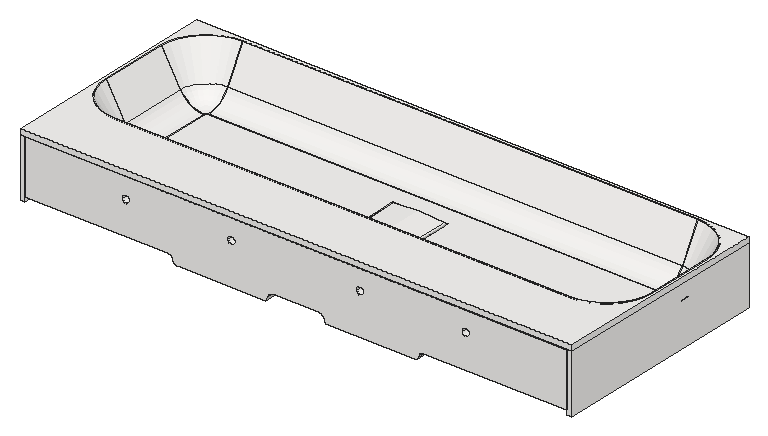
Revit family "Washbasins-hansgrohe-61105XXX-Xevolos E Washbasin 1200_480 without tap hole and overflow, SmartClean", category Plumbing Fixtures, Revit 2019
Family settings
  Round Connector Dimension = Use Diameter
  Part Type = Valve - Breaks Into
  OmniClass Number = 23.31.13.00
  Work Plane-Based = No
  Always vertical = Yes
  Cut with Voids When Loaded = No
  Shared = Yes
  Room Calculation Point = No
Parameters (values of type "61105-61105450-GLOSSY_WHITE-400")
  X2 = 740
  X1 = 280
  WEIGHT = "28"
  UNSPSC = "301815 | Sanitary ware"
  UNIFORMATII = "D2010 | Plumbing Fixtures"
  UNICLASS_2015_CODE = "40_20_96"
  UNICLASS2015 = "Pr_40_20_96 | Wash basins, sinks and troughs"
  TYP = 1
  TAP = 0
  SURFACE = "GLOSSY_WHITE"
  SPECIFICATION = "Surfaces:  - 61105450 White   Specification:  • consists of: washbasin, waste set, cover  • material: ceramic  • SmartClean: dirt-repellent glaze • degree of gloss: glossy  • ceramic cover included • without tap hole • without overflow • without shelf • non-closing waste set • 1200 x 480 mm • type of installation: wall mounted  • suitable for cabinet"
  REGION = "Worldwide"
  PRODUCTURL = "https://pro.hansgrohe.com/articledetail--61105450"
  PRODUCTGROUP = "Washbasins"
  PRODUCTFAMILY = "Xevolos E"
  PERMALINK = "61105XXX"
  OMNICLASS = "23-31 13 00 | Sinks"
  OBJECTTYPE = "Object (single object)"
  NN = "Xevolos Washbasin"
  NBSYN = "$BASENUMBER.-$ARTNR.-$SURFACE.-$LODLEVEL."
  NB = "61105-61105450-GLOSSY_WHITE-400"
  NAME = "Xevolos E Washbasin 1200/480 without tap hole and overflow, SmartClean"
  Model = "61105-61105450-GLOSSY_WHITE-400"
  Manufacturer = "Hansgrohe"
  MIdent = "{$CADENAS_DATA/23d-libs/hansgrohe/xevolos_washbasin/xevolos_washbasin.prj},222 {VTYP=3D},{NB=61105-61105450-GLOSSY_WHITE-400},{LINA=61105-61105450-GLOSSY_WHITE-400},{NN=Xevolos Washbasin},{DATE=13.03.2023 11:34:45},{GEOMDATE=13.03.2023 11:34:00},{VERSION=},{LINEID=860},{WBVAR=LODLEVEL},{WBNUMERIC=}  {NB=61105-61105450-GLOSSY_WHITE-400},{LINA=61105-61105450-GLOSSY_WHITE-400},{KT=DUMMY},{IDNR=14},{ARTNR=61105450},{BASENUMBER=61105},{MODEL=61105XXX},{SURFACE=GLOSSY_WHITE},{LODLEVEL=400},{LODLEVELX='400','400','200','200'},{L=1200.000},{LI=1000.000},{X1=280.000},{X2=740.000},{DO=46.000},{DOT=35.000},{TAP=0},{TYP=1},{NAME=Xevolos E Washbasin 1200/480 without tap hole and overflow, SmartClean},{PERMALINK=61105XXX},{OBJECTTYPE=Object (single object)},{BIMOBJECT=Sanitary: Wash Basins},{PRODUCTFAMILY=Xevolos E},{PRODUCTGROUP=Washbasins},{WEIGHT=28},{DESCRIPTION=Xevolos E Washbasin 1200/480 without tap hole and overflow, SmartClean},{SPECIFICATION=Surfaces:  - 61105450 White   Specification:  • consists of: washbasin, waste set, cover  • material: ceramic  • SmartClean: dirt-repellent glaze • degree of gloss: glossy  • ceramic cover included • without tap hole • without overflow • without shelf • non-closing waste set • 1200 x 480 mm • type of installation: wall mounted  • suitable for cabinet},{PRODUCTURL=https://pro.hansgrohe.com/articledetail--61105450},{GTINCODE=4059625420744},{IFC=Sanitary Terminal},{ETIM=EC011550 | Washbasin},{UNICLASS2015=Pr_40_20_96 | Wash basins, sinks and troughs},{OMNICLASS=23-31 13 00 | Sinks},{MASTERFORMAT=22 41 16.13 | Residential Lavatories},{UNSPSC=301815 | Sanitary ware},{UNIFORMATII=D2010 | Plumbing Fixtures},{REGION=Worldwide},{DESIGN=Germany},{MANUFACTURER=Germany}"
  MASTERFORMAT = "22 41 16.13 | Residential Lavatories"
  LODLEVEL = "400"
  LINA = "61105-61105450-GLOSSY_WHITE-400"
  LI = 1000
  L = 1200
  IFC = "Sanitary Terminal"
  GTINCODE = "4059625420744"
  ETIM = "EC011550 | Washbasin"
  DOT = 35
  DO = 46
  DESIGN = "Germany"
  CNSPipeRound/cp_Ausgang_1_V = no
  CATALOG = "Hansgrohe"
  BIMOBJECT = "Sanitary: Wash Basins"
  BASENUMBER = "61105"
  ARTNR = "61105450"
  61105-61105450-GLOSSY_WHITE-400_RX0RY0RZ0TX0TY0TZ0_V = yes
  61105-61105450-GLOSSY_WHITE-200_RX0RY0RZ0TX0TY0TZ0_V = no
Types (3, lengths in mm): name | NB | Model | MIdent | LODLEVEL | LINA | 61105-61105450-GLOSSY_WHITE-400_RX0RY0RZ0TX0TY0TZ0_V | 61105-61105450-GLOSSY_WHITE-200_RX0RY0RZ0TX0TY0TZ0_V
  (no name) | "61105-61105450-GLOSSY_WHITE-400" | "61105-61105450-GLOSSY_WHITE-400" | "{$CADENAS_DATA/23d-libs/hansgrohe/xevolos_washbasin/xevolos_washbasin.prj},222 {VTYP=3D},{NB=61105-61105450-GLOSSY_WHITE-400},{LINA=61105-61105450-GLOSSY_WHITE-400},{NN=Xevolos Washbasin},{DATE=13.03.2023 11:34:45},{GEOMDATE=13.03.2023 11:34:00},{VERSION=},{LINEID=860},{WBVAR=LODLEVEL},{WBNUMERIC=}  {NB=61105-61105450-GLOSSY_WHITE-400},{LINA=61105-61105450-GLOSSY_WHITE-400},{KT=DUMMY},{IDNR=14},{ARTNR=61105450},{BASENUMBER=61105},{MODEL=61105XXX},{SURFACE=GLOSSY_WHITE},{LODLEVEL=400},{LODLEVELX='400','400','200','200'},{L=1200.000},{LI=1000.000},{X1=280.000},{X2=740.000},{DO=46.000},{DOT=35.000},{TAP=0},{TYP=1},{NAME=Xevolos E Washbasin 1200/480 without tap hole and overflow, SmartClean},{PERMALINK=61105XXX},{OBJECTTYPE=Object (single object)},{BIMOBJECT=Sanitary: Wash Basins},{PRODUCTFAMILY=Xevolos E},{PRODUCTGROUP=Washbasins},{WEIGHT=28},{DESCRIPTION=Xevolos E Washbasin 1200/480 without tap hole and overflow, SmartClean},{SPECIFICATION=Surfaces:  - 61105450 White   Specification:  • consists of: washbasin, waste set, cover  • material: ceramic  • SmartClean: dirt-repellent glaze • degree of gloss: glossy  • ceramic cover included • without tap hole • without overflow • without shelf • non-closing waste set • 1200 x 480 mm • type of installation: wall mounted  • suitable for cabinet},{PRODUCTURL=https://pro.hansgrohe.com/articledetail--61105450},{GTINCODE=4059625420744},{IFC=Sanitary Terminal},{ETIM=EC011550 | Washbasin},{UNICLASS2015=Pr_40_20_96 | Wash basins, sinks and troughs},{OMNICLASS=23-31 13 00 | Sinks},{MASTERFORMAT=22 41 16.13 | Residential Lavatories},{UNSPSC=301815 | Sanitary ware},{UNIFORMATII=D2010 | Plumbing Fixtures},{REGION=Worldwide},{DESIGN=Germany},{MANUFACTURER=Germany}" | "400" | "61105-61105450-GLOSSY_WHITE-400" | yes | yes
  61105-61105450-GLOSSY_WHITE-200 | "61105-61105450-GLOSSY_WHITE-200" | "61105-61105450-GLOSSY_WHITE-200" | "{$CADENAS_DATA/23d-libs/hansgrohe/xevolos_washbasin/xevolos_washbasin.prj},222 {VTYP=3D},{NB=61105-61105450-GLOSSY_WHITE-200},{LINA=61105-61105450-GLOSSY_WHITE-200},{NN=Xevolos Washbasin},{DATE=13.03.2023 11:34:45},{GEOMDATE=13.03.2023 11:34:00},{VERSION=},{LINEID=860},{WBVAR=LODLEVEL},{WBNUMERIC=}  {NB=61105-61105450-GLOSSY_WHITE-200},{LINA=61105-61105450-GLOSSY_WHITE-200},{KT=DUMMY},{IDNR=14},{ARTNR=61105450},{BASENUMBER=61105},{MODEL=61105XXX},{SURFACE=GLOSSY_WHITE},{LODLEVEL=200},{LODLEVELX='400','400','200','200'},{L=1200.000},{LI=1000.000},{X1=280.000},{X2=740.000},{DO=46.000},{DOT=35.000},{TAP=0},{TYP=1},{NAME=Xevolos E Washbasin 1200/480 without tap hole and overflow, SmartClean},{PERMALINK=61105XXX},{OBJECTTYPE=Object (single object)},{BIMOBJECT=Sanitary: Wash Basins},{PRODUCTFAMILY=Xevolos E},{PRODUCTGROUP=Washbasins},{WEIGHT=28},{DESCRIPTION=Xevolos E Washbasin 1200/480 without tap hole and overflow, SmartClean},{SPECIFICATION=Surfaces:  - 61105450 White   Specification:  • consists of: washbasin, waste set, cover  • material: ceramic  • SmartClean: dirt-repellent glaze • degree of gloss: glossy  • ceramic cover included • without tap hole • without overflow • without shelf • non-closing waste set • 1200 x 480 mm • type of installation: wall mounted  • suitable for cabinet},{PRODUCTURL=https://pro.hansgrohe.com/articledetail--61105450},{GTINCODE=4059625420744},{IFC=Sanitary Terminal},{ETIM=EC011550 | Washbasin},{UNICLASS2015=Pr_40_20_96 | Wash basins, sinks and troughs},{OMNICLASS=23-31 13 00 | Sinks},{MASTERFORMAT=22 41 16.13 | Residential Lavatories},{UNSPSC=301815 | Sanitary ware},{UNIFORMATII=D2010 | Plumbing Fixtures},{REGION=Worldwide},{DESIGN=Germany},{MANUFACTURER=Germany}" | "200" | "61105-61105450-GLOSSY_WHITE-200" | no | yes
  61105-61105450-GLOSSY_WHITE-400 | "61105-61105450-GLOSSY_WHITE-400" | "61105-61105450-GLOSSY_WHITE-400" | "{$CADENAS_DATA/23d-libs/hansgrohe/xevolos_washbasin/xevolos_washbasin.prj},222 {VTYP=3D},{NB=61105-61105450-GLOSSY_WHITE-400},{LINA=61105-61105450-GLOSSY_WHITE-400},{NN=Xevolos Washbasin},{DATE=13.03.2023 11:34:45},{GEOMDATE=13.03.2023 11:34:00},{VERSION=},{LINEID=860},{WBVAR=LODLEVEL},{WBNUMERIC=}  {NB=61105-61105450-GLOSSY_WHITE-400},{LINA=61105-61105450-GLOSSY_WHITE-400},{KT=DUMMY},{IDNR=14},{ARTNR=61105450},{BASENUMBER=61105},{MODEL=61105XXX},{SURFACE=GLOSSY_WHITE},{LODLEVEL=400},{LODLEVELX='400','400','200','200'},{L=1200.000},{LI=1000.000},{X1=280.000},{X2=740.000},{DO=46.000},{DOT=35.000},{TAP=0},{TYP=1},{NAME=Xevolos E Washbasin 1200/480 without tap hole and overflow, SmartClean},{PERMALINK=61105XXX},{OBJECTTYPE=Object (single object)},{BIMOBJECT=Sanitary: Wash Basins},{PRODUCTFAMILY=Xevolos E},{PRODUCTGROUP=Washbasins},{WEIGHT=28},{DESCRIPTION=Xevolos E Washbasin 1200/480 without tap hole and overflow, SmartClean},{SPECIFICATION=Surfaces:  - 61105450 White   Specification:  • consists of: washbasin, waste set, cover  • material: ceramic  • SmartClean: dirt-repellent glaze • degree of gloss: glossy  • ceramic cover included • without tap hole • without overflow • without shelf • non-closing waste set • 1200 x 480 mm • type of installation: wall mounted  • suitable for cabinet},{PRODUCTURL=https://pro.hansgrohe.com/articledetail--61105450},{GTINCODE=4059625420744},{IFC=Sanitary Terminal},{ETIM=EC011550 | Washbasin},{UNICLASS2015=Pr_40_20_96 | Wash basins, sinks and troughs},{OMNICLASS=23-31 13 00 | Sinks},{MASTERFORMAT=22 41 16.13 | Residential Lavatories},{UNSPSC=301815 | Sanitary ware},{UNIFORMATII=D2010 | Plumbing Fixtures},{REGION=Worldwide},{DESIGN=Germany},{MANUFACTURER=Germany}" | "400" | "61105-61105450-GLOSSY_WHITE-400" | yes | no
Reference planes
  plane 1 "Center (Front/Back)": y = 0
  plane 2: z = 0
  plane 3 "Center (Left/Right)": x = 0
Dimensions and locks
  aligned and locked: level to plane 2
Nested families
  nested 1: "61105-61105450-glossy_white-200_content" at (0, 0, 0), visible <- "61105-61105450-GLOSSY_WHITE-200_RX0RY0RZ0TX0TY0TZ0_V", ContentVisible <- "61105-61105450-GLOSSY_WHITE-200_RX0RY0RZ0TX0TY0TZ0_V", type "61105-61105450-GLOSSY_WHITE-200_Content"
    with ContentVisible no
  nested 2: "61105-61105450-glossy_white-400_content" at (0, 0, 0), visible <- "61105-61105450-GLOSSY_WHITE-400_RX0RY0RZ0TX0TY0TZ0_V", ContentVisible <- "61105-61105450-GLOSSY_WHITE-400_RX0RY0RZ0TX0TY0TZ0_V", type "61105-61105450-GLOSSY_WHITE-400_Content"
    with ContentVisible yes
  nested 3: "ConnectorHost2019" at (0, 0, 0), visible <- "CNSPipeRound/cp_Ausgang_1_V", type "ConnectorHost2019"
    with Visible no, TransZ 0 mm, TransY 0 mm, TransX 0 mm, ScaleZ 1 mm, ScaleY 1 mm, ScaleX 1 mm, RotZ 180.00°, RotY 360.00°, RotX 180.00°
Connectors
  piping at (0, 0, 0), diameter 46
    settings: on nested 3, index 1, connector inside diameter 609.6 mm, connector length 0 mm, flow factor 0, pipe flow 0.0 L/s, pressure drop 0.0 Pa, fitting loss kfactor 0, connector angle 0.00°, fixture units 0, engagement length 0 mm, angle of deflection 0.00°, flow configuration 0, flow direction 2, fitting loss method 0, system type 29, joint type 0, gender type 0, connector reference index -1, connector utility 0, adjustable connector no, is connector primary yes, connector description ""
Definition of nested family "61105-61105450-glossy_white-400_content"
  Parameters (values of type "61105-61105450-GLOSSY_WHITE-400_Content")
    X2 = 740
    X1 = 280
    WEIGHT = "28"
    UNSPSC = "301815 | Sanitary ware"
    UNIFORMATII = "D2010 | Plumbing Fixtures"
    UNICLASS_2015_CODE = "40_20_96"
    UNICLASS2015 = "Pr_40_20_96 | Wash basins, sinks and troughs"
    TYP = 1
    TAP = 0
    SURFACE = "GLOSSY_WHITE"
    SPECIFICATION = "Surfaces:  - 61105450 White   Specification:  • consists of: washbasin, waste set, cover  • material: ceramic  • SmartClean: dirt-repellent glaze • degree of gloss: glossy  • ceramic cover included • without tap hole • without overflow • without shelf • non-closing waste set • 1200 x 480 mm • type of installation: wall mounted  • suitable for cabinet"
    REGION = "Worldwide"
    PRODUCTURL = "https://pro.hansgrohe.com/articledetail--61105450"
    PRODUCTGROUP = "Washbasins"
    PRODUCTFAMILY = "Xevolos E"
    PERMALINK = "61105XXX"
    OMNICLASS = "23-31 13 00 | Sinks"
    OBJECTTYPE = "Object (single object)"
    NN = "Xevolos Washbasin"
    NBSYN = "$BASENUMBER.-$ARTNR.-$SURFACE.-$LODLEVEL."
    NB = "61105-61105450-GLOSSY_WHITE-400"
    NAME = "Xevolos E Washbasin 1200/480 without tap hole and overflow, SmartClean"
    Model = "61105-61105450-GLOSSY_WHITE-400"
    Manufacturer = "Hansgrohe"
    MASTERFORMAT = "22 41 16.13 | Residential Lavatories"
    LODLEVEL = "400"
    LINA = "61105-61105450-GLOSSY_WHITE-400"
    LI = 1000
    L = 1200
    IFC = "Sanitary Terminal"
    GTINCODE = "4059625420744"
    ETIM = "EC011550 | Washbasin"
    Default Elevation = 1219.2 mm
    DOT = 35
    DO = 46
    DESIGN = "Germany"
    ContentVisible [instance] = yes
    CATALOG = "Hansgrohe"
    BIMOBJECT = "Sanitary: Wash Basins"
    BASENUMBER = "61105"
    ARTNR = "61105450"
  Reference planes
    plane 1 "Center (Front/Back)": y = 0
    plane 2: z = 0
    plane 3 "Center (Left/Right)": x = 0
  Forms (mm)
    Extrusion 1, solid, visible <- "ContentVisible", detail levels medium+fine
      sketch origin (0, -295, 7) x (0, 0, -1) y (0, -1, 0)
        loop
          line (-140, -474) -> (-121, -474) -> (-62.906, -440.46)
          arc (-62.906, -440.46) -> (-37.353, -414.906) -> (-28, -380) r 69.813
          line (-28, -380) -> (-37.5, -380)
          arc (-37.5, -380) -> (-45.58, -410.156) -> (-67.656, -432.232) r 60.313
          line (-67.656, -432.232) -> (-140, -474)
      from -495 to 495
    Revolve 2, solid, visible <- "ContentVisible", detail levels medium+fine
      sketch origin (-495, -295, 7) x (0, 0, -1) y (0, -1, 0)
        loop
          line (-140, -474) -> (-121, -474) -> (-62.906, -440.46)
          arc (-62.906, -440.46) -> (-37.353, -414.906) -> (-28, -380) r 69.813
          line (-28, -380) -> (-37.5, -380)
          arc (-37.5, -380) -> (-45.58, -410.156) -> (-67.656, -432.232) r 60.313
          line (-67.656, -432.232) -> (-140, -474)
        axis (-140, -375) -> (-28, -375)
      angle from -90 to 0
    Extrusion 3, solid, visible <- "ContentVisible", detail levels medium+fine
      sketch origin (0, -70, 7) x (-1, 0, 0) y (0, 0, -1)
        loop
          line (500, -28) -> (500, -37.5)
          arc (500, -37.5) -> (530.156, -45.58) -> (552.232, -67.656) r 60.313
          line (552.232, -67.656) -> (594, -140) -> (594, -121) -> (560.46, -62.906)
          arc (560.46, -62.906) -> (534.906, -37.353) -> (500, -28) r 69.813
      from -150 to 0
    Revolve 4, solid, visible <- "ContentVisible", detail levels medium+fine
      sketch origin (-495, -295, 7) x (0, 0, -1) y (0, -1, 0)
        loop
          line (-140, -126) -> (-67.656, -167.768)
          arc (-67.656, -167.768) -> (-45.58, -189.844) -> (-37.5, -220) r 60.313
          line (-37.5, -220) -> (-28, -220)
          arc (-28, -220) -> (-37.353, -185.094) -> (-62.906, -159.54) r 69.813
          line (-62.906, -159.54) -> (-121, -126) -> (-140, -126)
        axis (-28, -225) -> (-140, -225)
      angle from -90 to 0
    Extrusion 5, solid, visible <- "ContentVisible", detail levels medium+fine
      sketch origin (0, -295, 7) x (0, 0, -1) y (0, -1, 0)
        loop
          line (-140, -126) -> (-67.656, -167.768)
          arc (-67.656, -167.768) -> (-45.58, -189.844) -> (-37.5, -220) r 60.313
          line (-37.5, -220) -> (-28, -220)
          arc (-28, -220) -> (-37.353, -185.094) -> (-62.906, -159.54) r 69.813
          line (-62.906, -159.54) -> (-121, -126) -> (-140, -126)
      from -495 to 495
    Revolve 6, solid, visible <- "ContentVisible", detail levels medium+fine
      sketch origin (495, -295, 7) x (0, 0, -1) y (0, -1, 0)
        loop
          line (-140, -126) -> (-67.656, -167.768)
          arc (-67.656, -167.768) -> (-45.58, -189.844) -> (-37.5, -220) r 60.313
          line (-37.5, -220) -> (-28, -220)
          arc (-28, -220) -> (-37.353, -185.094) -> (-62.906, -159.54) r 69.813
          line (-62.906, -159.54) -> (-121, -126) -> (-140, -126)
        axis (-28, -225) -> (-140, -225)
      angle from 0 to 90
    Extrusion 7, solid, visible <- "ContentVisible", detail levels medium+fine
      sketch origin (0, -70, 7) x (-1, 0, 0) y (0, 0, -1)
        loop
          line (-594, -121) -> (-594, -140) -> (-552.232, -67.656)
          arc (-552.232, -67.656) -> (-530.156, -45.58) -> (-500, -37.5) r 60.313
          line (-500, -37.5) -> (-500, -28)
          arc (-500, -28) -> (-534.906, -37.353) -> (-560.46, -62.906) r 69.813
          line (-560.46, -62.906) -> (-594, -121)
      from -150 to 0
    Revolve 8, solid, visible <- "ContentVisible", detail levels medium+fine
      sketch origin (495, -295, 7) x (0, 0, -1) y (0, -1, 0)
        loop
          line (-140, -474) -> (-121, -474) -> (-62.906, -440.46)
          arc (-62.906, -440.46) -> (-37.353, -414.906) -> (-28, -380) r 69.813
          line (-28, -380) -> (-37.5, -380)
          arc (-37.5, -380) -> (-45.58, -410.156) -> (-67.656, -432.232) r 60.313
          line (-67.656, -432.232) -> (-140, -474)
        axis (-140, -375) -> (-28, -375)
      angle from 0 to 90
    Extrusion 9, solid, visible <- "ContentVisible", detail levels medium+fine
      sketch origin (0, -295, 35) x (-1, 0, 0) y (0, -1, 0)
        loop
          line (-500, -225) -> (-500, -375)
          arc (-500, -375) -> (-498.536, -378.536) -> (-495, -380) r 5
          line (-495, -380) -> (495, -380)
          arc (495, -380) -> (498.536, -378.536) -> (500, -375) r 5
          line (500, -375) -> (500, -225)
          arc (500, -225) -> (498.536, -221.464) -> (495, -220) r 5
          line (495, -220) -> (-495, -220)
          arc (-495, -220) -> (-498.536, -221.464) -> (-500, -225) r 5
        loop
          line (-60, -252.5) -> (-60, -337.5) -> (60, -337.5) -> (60, -252.5) -> (-60, -252.5)
      from 0 to 9.5
    Extrusion 10, solid, visible <- "ContentVisible", detail levels medium+fine
      sketch origin (0, -295, 147) x (-1, 0, 0) y (0, -1, 0)
        loop
          line (-600, -480) -> (600, -480) -> (600, 0) -> (-600, 0) -> (-600, -480)
        loop
          line (-594, -226) -> (-594, -374)
          arc (-594, -374) -> (-564.711, -444.711) -> (-494, -474) r 100
          line (-494, -474) -> (494, -474)
          arc (494, -474) -> (564.711, -444.711) -> (594, -374) r 100
          line (594, -374) -> (594, -226)
          arc (594, -226) -> (564.711, -155.289) -> (494, -126) r 100
          line (494, -126) -> (-494, -126)
          arc (-494, -126) -> (-564.711, -155.289) -> (-594, -226) r 100
      from -13 to 0
    Extrusion 11, solid, visible <- "ContentVisible", detail levels medium+fine
      sketch origin (0, -295, 134) x (-1, 0, 0) y (0, -1, 0)
        loop
          line (-600, -480) -> (600, -480) -> (600, 0) -> (590, 0) -> (590, -470) -> (-590, -470) -> (-590, 0) -> (-600, 0) -> (-600, -480)
      from -127 to 0
    Extrusion 12, solid, visible <- "ContentVisible", detail levels medium+fine
      sketch origin (0, -295, 17) x (-1, 0, 0) y (0, -1, 0)
        loop
          line (-590, -35) -> (-590, -470) -> (590, -470) -> (590, -35) -> (550, -35) -> (550, -380)
          arc (550, -380) -> (535.355, -415.355) -> (500, -430) r 50
          line (500, -430) -> (-500, -430)
          arc (-500, -430) -> (-535.355, -415.355) -> (-550, -380) r 50
          line (-550, -380) -> (-550, -35) -> (-590, -35)
      from 0 to 50
    Extrusion 13, solid, visible <- "ContentVisible", detail levels medium+fine
      sketch origin (0, -295, 7) x (-1, 0, 0) y (0, 0, -1)
        loop
          line (-590, -10) -> (-590, -127) -> (590, -127) -> (590, -10) -> (278.554, -10)
          arc (278.554, -10) -> (272.818, -8.192) -> (269.157, -3.42) r 10
          line (269.157, -3.42) -> (267.395, 1.42)
          arc (267.395, 1.42) -> (263.734, 6.192) -> (257.998, 8) r 10
          line (257.998, 8) -> (65, 8) -> (59.299, -4.226)
          arc (59.299, -4.226) -> (55.609, -8.434) -> (50.236, -10) r 10
          line (50.236, -10) -> (-50.236, -10)
          arc (-50.236, -10) -> (-55.609, -8.434) -> (-59.299, -4.226) r 10
          line (-59.299, -4.226) -> (-65, 8) -> (-257.998, 8)
          arc (-257.998, 8) -> (-263.734, 6.192) -> (-267.395, 1.42) r 10
          line (-267.395, 1.42) -> (-269.157, -3.42)
          arc (-269.157, -3.42) -> (-272.818, -8.192) -> (-278.554, -10) r 10
          line (-278.554, -10) -> (-590, -10)
      from -35 to 0
    Extrusion 14, solid, visible <- "ContentVisible", detail levels medium+fine
      sketch origin (-500, -295, 7) x (0, 0, -1) y (0, -1, 0)
        loop
          line (-127, -35) -> (-127, -127.732) -> (-65.156, -163.437)
          arc (-65.156, -163.437) -> (-41.25, -187.344) -> (-32.5, -220) r 65.313
          line (-32.5, -220) -> (-32.5, -380)
          arc (-32.5, -380) -> (-39.303, -409.023) -> (-58.294, -432) r 65.313
          line (-58.294, -432) -> (-30.544, -432) -> (-10, -40) -> (-10, -35) -> (-127, -35)
      from 0 to 60
    Extrusion 15, solid, visible <- "ContentVisible", detail levels medium+fine
      sketch origin (500, -295, 7) x (0, 0, -1) y (0, -1, 0)
        loop
          line (-127, -35) -> (-127, -127.732) -> (-65.156, -163.437)
          arc (-65.156, -163.437) -> (-41.25, -187.344) -> (-32.5, -220) r 65.313
          line (-32.5, -220) -> (-32.5, -380)
          arc (-32.5, -380) -> (-39.303, -409.023) -> (-58.294, -432) r 65.313
          line (-58.294, -432) -> (-30.544, -432) -> (-10, -40) -> (-10, -35) -> (-127, -35)
      from -60 to 0
    Extrusion 16, solid, visible <- "ContentVisible", detail levels medium+fine
      sketch origin (0, -295, 17) x (-1, 0, 0) y (0, -1, 0)
        loop
          line (-72, -261.5) -> (-72, -328.5)
          arc (-72, -328.5) -> (-65.703, -343.703) -> (-50.5, -350) r 21.5
          line (-50.5, -350) -> (50.5, -350)
          arc (50.5, -350) -> (65.703, -343.703) -> (72, -328.5) r 21.5
          line (72, -328.5) -> (72, -261.5)
          arc (72, -261.5) -> (65.703, -246.297) -> (50.5, -240) r 21.5
          line (50.5, -240) -> (-50.5, -240)
          arc (-50.5, -240) -> (-65.703, -246.297) -> (-72, -261.5) r 21.5
      from 0 to 18
    Revolve 17, solid, visible <- "ContentVisible", detail levels medium+fine
      sketch origin (0, 0, 7) x (-1, 0, 0) y (0, 0, -1)
        loop
          line (23, -4.5) -> (42.5, -27.441) -> (42.5, -10) -> (34, 0) -> (34, 7) -> (23, 7) -> (23, -4.5)
        axis (0, -27.441) -> (0, 7)
      angle from -360 to 0
    Extrusion 18, solid, visible <- "ContentVisible", detail levels medium+fine
      sketch origin (0, -295, -3) x (-1, 0, 0) y (0, -1, 0)
        loop
          circle (0, -295) r 7.5
      from 0 to 41
    Extrusion 19, solid, visible <- "ContentVisible", detail levels medium+fine
      sketch origin (0, -295, 38) x (-1, 0, 0) y (0, -1, 0)
        loop
          circle (0, -295) r 32.5
      from 0 to 2
    Extrusion 20, solid, visible <- "ContentVisible", detail levels medium+fine
      sketch origin (0, 0, 7) x (-1, 0, 0) y (0, 0, -1)
        loop
          arc (-54.85, -33) -> (-57.5, -35.65) -> (-54.85, -38.3) r 2.65
          arc (-54.85, -38.3) -> (0, -43.036) -> (54.85, -38.3) r 320
          arc (54.85, -38.3) -> (57.5, -35.65) -> (54.85, -33) r 2.65
          line (54.85, -33) -> (-54.85, -33)
      from -40 to 40
    Extrusion 21, void, detail levels medium+fine
      sketch origin (0, -295, 7) x (-1, 0, 0) y (0, 0, -1)
        loop
          circle (140, -83) r 8
      from -30 to 30
    Extrusion 22, void, detail levels medium+fine
      sketch origin (0, -295, 7) x (-1, 0, 0) y (0, 0, -1)
        loop
          circle (-140, -83) r 8
      from -30 to 30
    Extrusion 23, void, detail levels medium+fine
      sketch origin (0, -295, 7) x (-1, 0, 0) y (0, 0, -1)
        loop
          circle (370, -83) r 8
      from -30 to 30
    Extrusion 24, void, detail levels medium+fine
      sketch origin (0, -295, 7) x (-1, 0, 0) y (0, 0, -1)
        loop
          circle (-370, -83) r 8
      from -30 to 30
    Extrusion 25, solid, visible <- "ContentVisible", detail levels coarse
      sketch origin (0, -55, -3) x (1, 0, 0) y (0, 1, 0)
        loop
          line (-600, -240) -> (600, -240) -> (600, 240) -> (-600, 240) -> (-600, -240)
      from 0 to 150
  Cuts and joins
    Extrusion 21, Extrusion 22, Extrusion 23, Extrusion 24 cuts Extrusion 1
    Extrusion 21, Extrusion 22, Extrusion 23, Extrusion 24 cuts Revolve 2
    Extrusion 21, Extrusion 22, Extrusion 23, Extrusion 24 cuts Extrusion 3
    Extrusion 21, Extrusion 22, Extrusion 23, Extrusion 24 cuts Revolve 4
    Extrusion 21, Extrusion 22, Extrusion 23, Extrusion 24 cuts Extrusion 5
    Extrusion 21, Extrusion 22, Extrusion 23, Extrusion 24 cuts Revolve 6
    Extrusion 21, Extrusion 22, Extrusion 23, Extrusion 24 cuts Extrusion 7
    Extrusion 21, Extrusion 22, Extrusion 23, Extrusion 24 cuts Revolve 8
    Extrusion 21, Extrusion 22, Extrusion 23, Extrusion 24 cuts Extrusion 9
    Extrusion 21, Extrusion 22, Extrusion 23, Extrusion 24 cuts Extrusion 10
    Extrusion 21, Extrusion 22, Extrusion 23, Extrusion 24 cuts Extrusion 11
    Extrusion 21, Extrusion 22, Extrusion 23, Extrusion 24 cuts Extrusion 12
    Extrusion 21, Extrusion 22, Extrusion 23, Extrusion 24 cuts Extrusion 13
    Extrusion 21, Extrusion 22, Extrusion 23, Extrusion 24 cuts Extrusion 14
    Extrusion 21, Extrusion 22, Extrusion 23, Extrusion 24 cuts Extrusion 15
    Extrusion 21, Extrusion 22, Extrusion 23, Extrusion 24 cuts Extrusion 16
    Extrusion 21, Extrusion 22, Extrusion 23, Extrusion 24 cuts Revolve 17
    Extrusion 21, Extrusion 22, Extrusion 23, Extrusion 24 cuts Extrusion 18
    Extrusion 21, Extrusion 22, Extrusion 23, Extrusion 24 cuts Extrusion 19
    Extrusion 21, Extrusion 22, Extrusion 23, Extrusion 24 cuts Extrusion 20
  Dimensions and locks
    aligned and locked: level to plane 2
Definition of nested family "61105-61105450-glossy_white-200_content"
  Parameters (values of type "61105-61105450-GLOSSY_WHITE-200_Content")
    X2 = 740
    X1 = 280
    WEIGHT = "28"
    UNSPSC = "301815 | Sanitary ware"
    UNIFORMATII = "D2010 | Plumbing Fixtures"
    UNICLASS_2015_CODE = "40_20_96"
    UNICLASS2015 = "Pr_40_20_96 | Wash basins, sinks and troughs"
    TYP = 1
    TAP = 0
    SURFACE = "GLOSSY_WHITE"
    SPECIFICATION = "Surfaces:  - 61105450 White   Specification:  • consists of: washbasin, waste set, cover  • material: ceramic  • SmartClean: dirt-repellent glaze • degree of gloss: glossy  • ceramic cover included • without tap hole • without overflow • without shelf • non-closing waste set • 1200 x 480 mm • type of installation: wall mounted  • suitable for cabinet"
    REGION = "Worldwide"
    PRODUCTURL = "https://pro.hansgrohe.com/articledetail--61105450"
    PRODUCTGROUP = "Washbasins"
    PRODUCTFAMILY = "Xevolos E"
    PERMALINK = "61105XXX"
    OMNICLASS = "23-31 13 00 | Sinks"
    OBJECTTYPE = "Object (single object)"
    NN = "Xevolos Washbasin"
    NBSYN = "$BASENUMBER.-$ARTNR.-$SURFACE.-$LODLEVEL."
    NB = "61105-61105450-GLOSSY_WHITE-200"
    NAME = "Xevolos E Washbasin 1200/480 without tap hole and overflow, SmartClean"
    Model = "61105-61105450-GLOSSY_WHITE-200"
    Manufacturer = "Hansgrohe"
    MASTERFORMAT = "22 41 16.13 | Residential Lavatories"
    LODLEVEL = "200"
    LINA = "61105-61105450-GLOSSY_WHITE-200"
    LI = 1000
    L = 1200
    IFC = "Sanitary Terminal"
    GTINCODE = "4059625420744"
    ETIM = "EC011550 | Washbasin"
    Default Elevation = 1219.2 mm
    DOT = 35
    DO = 46
    DESIGN = "Germany"
    ContentVisible [instance] = yes
    CATALOG = "Hansgrohe"
    BIMOBJECT = "Sanitary: Wash Basins"
    BASENUMBER = "61105"
    ARTNR = "61105450"
  Reference planes
    plane 1 "Center (Front/Back)": y = 0
    plane 2: z = 0
    plane 3 "Center (Left/Right)": x = 0
  Forms (mm)
    Extrusion 1, solid, visible <- "ContentVisible", detail levels medium+fine
      sketch origin (0, -295, 147) x (-1, 0, 0) y (0, -1, 0)
        loop
          line (-600, -480) -> (600, -480) -> (600, 0) -> (-600, 0) -> (-600, -480)
      from -140 to 0
    Extrusion 2, void, detail levels medium+fine
      sketch origin (0, -295, 147) x (-1, 0, 0) y (0, -1, 0)
        loop
          line (-594, -126) -> (-594, -474) -> (594, -474) -> (594, -126) -> (-594, -126)
      from -102.5 to 0
    Extrusion 3, solid, visible <- "ContentVisible", detail levels medium+fine
      sketch origin (0, -295, 7) x (-1, 0, 0) y (0, -1, 0)
        loop
          circle (0, -295) r 34
      from -10 to 0
    Extrusion 4, solid, visible <- "ContentVisible", detail levels coarse
      sketch origin (0, -55, -3) x (1, 0, 0) y (0, 1, 0)
        loop
          line (-600, -240) -> (600, -240) -> (600, 240) -> (-600, 240) -> (-600, -240)
      from 0 to 150
  Cuts and joins
    Extrusion 2 cuts Extrusion 1
  Dimensions and locks
    aligned and locked: level to plane 2
